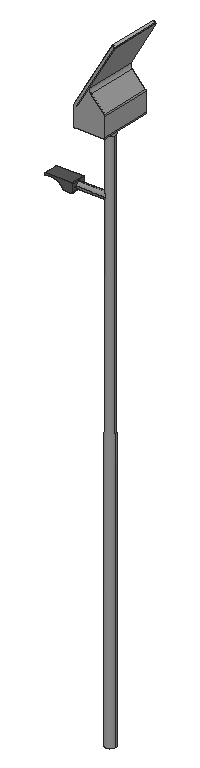
Revit family "Farola Solar Moon M negra", category Luminarias, Revit 2021
Family settings
  Cota de conector redondo = Diámetro de uso
  Tipo de pieza = Normal
  Se basa en plano de trabajo = No
  Siempre vertical = Sí
  Corte con vacíos al cargar = No
  Origen de luz = No
  Compartido = Sí
  Punto de cálculo de habitación = No
Parameters (values of type "Farola Olintu S pintura gris")
  URL producto = "https://ekiona.com/farolas-solares/serie-moon/"
  URL = "https://www.ekiona.com/"
  Teléfono de contacto = "(+34) 943 30 80 51"
  Keynote = ""
  Modelo = "Modelo Moon"
  Marcado CE = "SÍ"
  Garantía = "5 años"
  Gama de colores = "Blanco, Negro, Gris, Verde bosque, acero galvanizado"
  Gama de acabados = "Galvanizado, Fibra de vidrio, Aluminio"
  Fabricante = "Ekiona"
  Elevación por defecto = 2000 mm
  E-mail de contacto = "info@ekiona.com"
  Distancia inserto-columa = Altura columna planos - 136 mm  # 5864 mm
  Distancia brazo-final de columna = Altura columna planos - 700 mm  # 5300 mm
  Dirección = "Parque Tecnológico Miramón - Paseo Mikeletegi 56 - 20009 Donostia/San Sebastián"
  Descripción de la empresa = "Diseñamos, desarrollamos, fabricamos y comercializamos farolas solares que se adaptan a cualquier necesidad."
  Descripción = "Farola solar compacta y estética, la unión entre eficiencia y diseño"
  Clase eficiencia energética = "A++"
  Altura columna extremos = 6000 mm
  Altura columna planos = Altura columna extremos  # 6000 mm
Types (3, lengths in mm): name | URL producto | Modelo | Garantía | Gama de colores | Gama de acabados | Distancia inserto-columa | Distancia brazo-final de columna | Dirección | Descripción de la empresa | Descripción | Altura columna extremos | Altura columna planos
  (no name) | "https://ekiona.com/farolas-solares/serie-moon/" | "Modelo Moon" | "5 años" | "Blanco, Negro, Gris, Verde bosque, acero galvanizado" | "Galvanizado, Fibra de vidrio, Aluminio" | 5864 | 5300 | "Parque Tecnológico Miramón - Paseo Mikeletegi 56 - 20009 Donostia/San Sebastián" | "Diseñamos, desarrollamos, fabricamos y comercializamos farolas solares que se adaptan a cualquier necesidad." | "Farola solar compacta y estética, la unión entre eficiencia y diseño" | 6000 | 6000
  Farola Olintu S pintura blanca | "https://ekiona.com/farolas-solares/serie-olintu/" | "Modelo Olintu" | "2 años" | "" | "" | 3864 | 3300 | "" | "" | "Farola solar que combina diseño y eficencia" | 4000 | 4000
  Farola Olintu S pintura gris | "https://ekiona.com/farolas-solares/serie-moon/" | "Modelo Moon" | "5 años" | "Blanco, Negro, Gris, Verde bosque, acero galvanizado" | "Galvanizado, Fibra de vidrio, Aluminio" | 5864 | 5300 | "Parque Tecnológico Miramón - Paseo Mikeletegi 56 - 20009 Donostia/San Sebastián" | "Diseñamos, desarrollamos, fabricamos y comercializamos farolas solares que se adaptan a cualquier necesidad." | "Farola solar compacta y estética, la unión entre eficiencia y diseño" | 6000 | 6000
Reference planes
  plane 1 "Center (Front/Back)": y = 0
  plane 2: z = 0
  plane 3 "Center (Left/Right)": x = 0
  plane 4: z = 6000
  plane 5: z = 5300
Dimensions and locks
  "Altura columna planos": plane 2 to plane 4
  "Distancia brazo-final de columna": level to plane 5
  "Distancia inserto-columa": level to nested 3
  aligned and locked: level to plane 2
  aligned and locked: plane 5 to nested 2
Nested families
  nested 1: "Columna Moon M negra" at (5, 0, 0), Altura columna <- "Altura columna extremos", type "Columna 6m"
  nested 2: "Luminaria Moon M negra" at (5, 0, 5251.464), type "Luminaria 20W"
  nested 3: "Tolva Moon M negra" at (5, 340, 4524.796), type "Tolva Moon M negra"
Definition of nested family "Columna Moon M negra"
  Parameters (values of type "Columna 7m")
    Øsuperior columna = 88 mm
    Øinferior columna = 115 mm
    Material columna = none
    Default Elevation = 0 mm
    Altura columna [instance] = 7000 mm
  Types (2, lengths in mm): name | Altura columna
    Columna 6m | 6000
    Columna 7m | 7000
  Reference planes
    plane 1 "Center (Front/Back)": y = 0
    plane 2: z = 0
    plane 3 "Center (Left/Right)": x = 0
    plane 4: z = 7000
  Forms (mm)
    Blend 1, solid, material <- "Material columna"
      base sketch origin (0, 0, 0) x (1, 0, 0) y (0, 1, 0)
        loop
          circle (0.091, 0.421) r 57.5
      top sketch origin (0, 0, 0) x (1, 0, 0) y (0, 1, 0)
        loop
          circle (0.091, 0.421) r 44
      from 0 to 7000
  Dimensions and locks
    "Altura columna": plane 4 to level
    "Øinferior columna": diameter of Blend 1 sketch curve
    "Øsuperior columna": diameter of Blend 1 sketch curve
    aligned and locked: level to plane 2
    aligned and locked: plane 4 to Blend 1
  Automatic sketch dimensions
    plane 3 "Center (Left/Right)" to Blend 1 sketch curve = 0.091 mm  (x2)
    Blend 1 sketch curve to plane 1 "Center (Front/Back)" = 0.421 mm  (x2)
Definition of nested family "Luminaria Moon M negra"
  Parameters (values of type "Luminaria 50W")
    Tilt Angle = 70.00°
    built-in parameter 1010506 = 0.34907 (stored number, unit not read)
    built-in parameter 1010507 = 1.2217 (stored number, unit not read)
    Wattage = 50 W
    built-in parameter 1150107 = 3000 (stored number, unit not read)
    built-in parameter 1150110 = 1 (stored number, unit not read)
    built-in parameter 1150109 = 1 (stored number, unit not read)
    built-in parameter 1150112 = 1 (stored number, unit not read)
    built-in parameter 1150113 = 1 (stored number, unit not read)
    built-in parameter 1114218 = 1 (stored number, unit not read)
    built-in parameter 1150137 = (empty or 0)
    built-in parameter 1150132 = (empty or 0)
    Material luminaria = none
    Material brazo = none
    Material LED = none
    Light Source Symbol Length = 3048 mm
    built-in parameter 1150105 = 60769.7 (stored number, unit not read)
    built-in parameter 1150102 = (empty or 0)
    built-in parameter 1150106 = 607.7 (stored number, unit not read)
    Emit Shape Visible in Rendering = no
    Lumens = 8250 lm
    Color Filter = 16777215
    built-in parameter 1114217 = 0.7 (stored number, unit not read)
    built-in parameter 1150139 = (empty or 0)
    Default Elevation = 0 mm
    built-in parameter 1150104 = 15.329 (stored number, unit not read)
    Emit from Circle Diameter = 50 mm
    built-in parameter 1150115 = 1 (stored number, unit not read)
    built-in parameter 1150114 = 1 (stored number, unit not read)
    built-in parameter 1150138 = (empty or 0)
    built-in parameter 1150134 = (empty or 0)
    Dimming Lamp Color Temperature Shift = (empty or 0)
    built-in parameter 1150133 = 10 (stored number, unit not read)
  Types (4, lengths in mm): name | Wattage | built-in parameter 1150105 | built-in parameter 1150106 | Lumens
    Luminaria 30W | 30 W | 36461.8 (stored number, unit not read) | 364.62 (stored number, unit not read) | 4950 lm
    Luminaria 20W | 20 W | 24307.9 (stored number, unit not read) | 243.08 (stored number, unit not read) | 3300 lm
    Luminaria 40W | 40 W | 48615.8 (stored number, unit not read) | 486.16 (stored number, unit not read) | 6600 lm
    Luminaria 50W | 50 W | 60769.7 (stored number, unit not read) | 607.7 (stored number, unit not read) | 8250 lm
  Reference planes
    plane 1 "Center (Front/Back)": y = 0
    plane 2: z = 0
    plane 3 "Center (Left/Right)": x = 0
  Forms (mm)
    Revolve 1, solid, material <- "Material brazo"
      sketch origin (303.946, 1.989, 0) x (1, 0, 0) y (0, 1, 0)
        loop
          line (-668.06, 30) -> (-302.022, 30) -> (-302.022, 33.284) -> (-668.06, 33.284) -> (-668.06, 30)
        axis (-668.06, 0) -> (-302.022, 0)
      angle from 0 to 360
    Revolve 2, solid, material <- "Material LED"
      sketch origin (637.978, 0, -3.572) x (1, 0, 0) y (0, 0, 1)
        loop
          arc (-1192.369, 27.257) -> (-1185.047, 9.579) -> (-1167.369, 2.257) r 25
          line (-1167.369, 2.257) -> (-1167.369, 27.257) -> (-1192.369, 27.257)
        axis (-1167.369, 27.257) -> (-1167.369, 2.257)
      angle from 0 to 360
    Extrusion 3, solid, material <- "Material luminaria"
      sketch origin (188.457, 170, 0) x (1, 0, 0) y (0, 0, 1)
        loop
          arc (-530.557, 45) -> (-532.034, 47.059) -> (-534.093, 48.536) r 7.795
          line (-534.093, 48.536) -> (-819.093, 48.536)
          arc (-819.093, 48.536) -> (-830.585, 37.044) -> (-819.093, 25.552) r 11.492
          line (-819.093, 25.552) -> (-754.765, 25.552)
          arc (-754.765, 25.552) -> (-719.662, 20.455) -> (-685.221, 11.966) r 364.063
          arc (-685.221, 11.966) -> (-667.18, 1.896) -> (-655.103, -14.869) r 47.612
          arc (-655.103, -14.869) -> (-633.37, -40.263) -> (-603.441, -55.142) r 83.798
          arc (-603.441, -55.142) -> (-569.333, -56.37) -> (-535.764, -50.207) r 157.18
          arc (-535.764, -50.207) -> (-532.082, -48.682) -> (-530.557, -45) r 5.207
          line (-530.557, -45) -> (-530.557, 45)
      from 95.307 to 250
  Dimensions and locks
    aligned and locked: level to plane 2
Definition of nested family "Tolva Moon M negra"
  Parameters (values of type "Tolva Moon M negra")
    Model = "Tolva Olintu"
    Material inserto = none
    Material estructura base = none
    Manufacturer = "Ekiona"
    Default Elevation = 0 mm
    Ancho panel = 545 mm
  Reference planes
    plane 1 "Center (Front/Back)": y = 0
    plane 2: z = 0
    plane 3 "Center (Left/Right)": x = 0
    plane 4 "paralelo a vista izq": y = -337.5
    plane 5 "Plano 1": through (259.959, -25, 3493.187) normal (-0.5, 0, 0.866)
    plane 6: through (97.83, 0, 2130.088) normal (-0.866, 0, 0.5)
  Forms (mm)
    Revolve 1, solid, material <- "Material inserto"
      sketch origin (0, 0, -386.551) x (0, 1, 0) y (0, 0, 1)
        loop
          line (-287.5, 2035.827) -> (-287.5, 1725.755) -> (-284.5, 1725.755) -> (-284.5, 2035.827) -> (-287.5, 2035.827)
        axis (-337.5, 2035.827) -> (-337.5, 1725.755)
      angle from 0 to 360
    Extrusion 2, solid, not visible
      sketch origin (124.705, 0, 1465.982) x (1, 0, 0) y (0, 0, 1)
        loop
          line (25.298, 2103.034) -> (-292.965, 1551.785) -> (-241.004, 1521.785) -> (77.26, 2073.034) -> (25.298, 2103.034)
      from 70.047 to 615.047
    Extrusion 3, void, not visible
      sketch origin (-63.196, 0, 1140.322) x (1, 0, 0) y (0, 0, 1)
        loop
          line (224.128, 2422.685) -> (236.948, 2349.979) -> (276.798, 2419.002) -> (224.128, 2422.685)
      from 0 to 675
    Extrusion 4, void, not visible
      sketch origin (124.705, 0, 1465.982) x (1, 0, 0) y (0, 0, 1)
        loop
          line (-212.839, 1570.569) -> (-289.787, 1549.95) -> (-300.47, 1528.787) -> (-231.188, 1488.787) -> (-191.188, 1558.069) -> (-212.839, 1570.569)
      from 0 to 675
    Extrusion 5, solid, not visible
      sketch origin (-63.252, 0, 1140.601) x (1, 0, 0) y (0, 0, 1)
        loop
          line (212.635, 2427.51) -> (224.709, 2420.539) -> (237.206, 2349.669) -> (152.052, 2202.179) -> (153.752, 2201.197) -> (239.192, 2349.183) -> (226.372, 2421.888) -> (213.635, 2429.242) -> (212.635, 2427.51)
      from 70.047 to 615.047
    Extrusion 6, solid, not visible
      sketch origin (124.679, 0, 1466.114) x (1, 0, 0) y (0, 0, 1)
        loop
          line (-35.879, 1876.666) -> (-212.705, 1570.395) -> (-289.813, 1549.734) -> (-293.065, 1551.612) -> (-294.068, 1549.876) -> (-290.068, 1547.567) -> (-211.46, 1568.63) -> (-34.182, 1875.686) -> (-35.879, 1876.666)
      from 70.047 to 615.047
    Extrusion 7, solid, not visible
      sketch origin (124.769, 0, 1465.921) x (1, 0, 0) y (0, 0, 1)
        loop
          line (-292.965, 1551.785) -> (25.035, 2102.578) -> (-5.276, 2120.078) -> (-323.276, 1569.285) -> (-292.965, 1551.785)
      from 70.047 to 615.047
    Extrusion 8, void, not visible
      sketch origin (-1013.482, -34.1, 1392.821) x (0, 1, 0) y (0.5, 0, 0.866025)
        loop
          line (-463.861, 2321.81) -> (-416.148, 2321.81)
          arc (-416.148, 2321.81) -> (-419.48, 2339.286) -> (-430.409, 2353.323) r 37.954
          arc (-430.409, 2353.323) -> (-445.409, 2358.568) -> (-460.409, 2353.323) r 24.073
          arc (-460.409, 2353.323) -> (-471.433, 2339.075) -> (-474.645, 2321.349) r 37.954
          arc (-474.645, 2321.349) -> (-473.167, 2312.913) -> (-469.836, 2305.024) r 37.954
          arc (-469.836, 2305.024) -> (-441.562, 2289.96) -> (-416.017, 2309.293) r 29.744
          line (-416.017, 2309.293) -> (-423.962, 2312.74)
          arc (-423.962, 2312.74) -> (-442.617, 2300.75) -> (-461.255, 2312.766) r 20.484
          arc (-461.255, 2312.766) -> (-462.888, 2317.193) -> (-463.861, 2321.81) r 32.425
        loop
          line (-462.861, 2331.038) -> (-427.861, 2331.038)
          arc (-427.861, 2331.038) -> (-445.361, 2348.538) -> (-462.861, 2331.038) r 17.5
        loop
          line (-407.152, 2354.99) -> (-407.152, 2299.99)
          arc (-407.152, 2299.99) -> (-401.908, 2294.747) -> (-396.665, 2299.99) r 5.244
          line (-396.665, 2299.99) -> (-396.665, 2315.008) -> (-387.196, 2324.476) -> (-367.121, 2295.806)
          arc (-367.121, 2295.806) -> (-360.158, 2294.578) -> (-358.93, 2301.542) r 5
          line (-358.93, 2301.542) -> (-380.016, 2331.656) -> (-362.339, 2349.334)
          arc (-362.339, 2349.334) -> (-362.339, 2357.323) -> (-370.328, 2357.323) r 5.649
          line (-370.328, 2357.323) -> (-396.665, 2330.986) -> (-396.665, 2354.99)
          arc (-396.665, 2354.99) -> (-401.908, 2360.234) -> (-407.152, 2354.99) r 5.244
        loop
          line (-345.695, 2330.348) -> (-345.695, 2298.296)
          arc (-345.695, 2298.296) -> (-340.695, 2293.296) -> (-335.695, 2298.296) r 5
          line (-335.695, 2298.296) -> (-335.695, 2330.348)
          arc (-335.695, 2330.348) -> (-340.695, 2335.348) -> (-345.695, 2330.348) r 5
        loop
          arc (-313.958, 2351.943) -> (-322.635, 2348.932) -> (-329.497, 2355.038) r 9.076
          arc (-329.497, 2355.038) -> (-336.449, 2361.579) -> (-345.695, 2359.211) r 9.903
          arc (-345.695, 2359.211) -> (-348.682, 2355.086) -> (-349.922, 2350.147) r 13.45
          arc (-349.922, 2350.147) -> (-346.706, 2343.243) -> (-339.177, 2342.089) r 8.071
          arc (-339.177, 2342.089) -> (-335.695, 2342.685) -> (-332.214, 2342.089) r 10.463
          arc (-332.214, 2342.089) -> (-327.031, 2338.208) -> (-325.061, 2332.04) r 10.635
          arc (-325.061, 2332.04) -> (-262.525, 2310.202) -> (-313.958, 2351.943) r 33.621
        loop
          line (-250.357, 2353.481) -> (-250.357, 2298.481)
          arc (-250.357, 2298.481) -> (-243.625, 2291.749) -> (-236.893, 2298.481) r 6.732
          line (-236.893, 2298.481) -> (-236.893, 2343.466)
          arc (-236.893, 2343.466) -> (-229.971, 2349.019) -> (-221.459, 2351.529) r 22.933
          arc (-221.459, 2351.529) -> (-212.902, 2347.984) -> (-209.357, 2339.427) r 12.102
          line (-209.357, 2339.427) -> (-209.357, 2298.481)
          arc (-209.357, 2298.481) -> (-203.024, 2292.148) -> (-196.691, 2298.481) r 6.333
          line (-196.691, 2298.481) -> (-196.691, 2339.905)
          arc (-196.691, 2339.905) -> (-198.028, 2347.169) -> (-201.863, 2353.481) r 20.404
          arc (-201.863, 2353.481) -> (-219.569, 2360.932) -> (-237.793, 2354.854) r 27.258
          arc (-237.793, 2354.854) -> (-244.69, 2359.8) -> (-250.357, 2353.481) r 6.357
        loop
          arc (-184.719, 2344.597) -> (-181.441, 2338.502) -> (-174.681, 2339.98) r 5.745
          arc (-174.681, 2339.98) -> (-169.693, 2349.593) -> (-159.36, 2352.836) r 14.106
          arc (-159.36, 2352.836) -> (-151.076, 2350.212) -> (-144.661, 2344.349) r 20.193
          line (-144.661, 2344.349) -> (-144.661, 2338.186)
          arc (-144.661, 2338.186) -> (-158.183, 2333.475) -> (-172.248, 2330.794) r 97.575
          arc (-172.248, 2330.794) -> (-181.869, 2326.808) -> (-185.855, 2317.187) r 13.607
          arc (-185.855, 2317.187) -> (-186.09, 2312.502) -> (-186.044, 2307.811) r 78.299
          arc (-186.044, 2307.811) -> (-182.313, 2300.899) -> (-176.154, 2296.024) r 19.471
          arc (-176.154, 2296.024) -> (-166.154, 2293.649) -> (-156.154, 2296.024) r 22.235
          arc (-156.154, 2296.024) -> (-150.683, 2299.242) -> (-145.676, 2303.144) r 48.757
          line (-145.676, 2303.144) -> (-145.676, 2297.176)
          arc (-145.676, 2297.176) -> (-140.801, 2292.301) -> (-135.926, 2297.176) r 4.875
          line (-135.926, 2297.176) -> (-135.926, 2347.483)
          arc (-135.926, 2347.483) -> (-140.108, 2354.143) -> (-146.491, 2358.739) r 20.503
          arc (-146.491, 2358.739) -> (-158.534, 2361.376) -> (-170.577, 2358.739) r 28.822
          arc (-170.577, 2358.739) -> (-178.914, 2352.934) -> (-184.719, 2344.597) r 28.822
        loop
          arc (-144.661, 2330.676) -> (-156.177, 2325.488) -> (-168.693, 2323.785) r 44.019
          arc (-168.693, 2323.785) -> (-173.358, 2321.852) -> (-175.29, 2317.187) r 6.598
          arc (-175.29, 2317.187) -> (-175.527, 2313.145) -> (-175.29, 2309.103) r 34.669
          arc (-175.29, 2309.103) -> (-173.729, 2305.335) -> (-169.961, 2303.774) r 5.329
          arc (-169.961, 2303.774) -> (-163.465, 2302.436) -> (-156.969, 2303.774) r 16.436
          arc (-156.969, 2303.774) -> (-150.056, 2308.034) -> (-144.661, 2314.101) r 27.926
          line (-144.661, 2314.101) -> (-144.661, 2330.676)
      from -19.407 to 3
    Revolve 9, solid, not visible
      sketch origin (0, 0, 1241.412) x (0, 1, 0) y (0, 0, 1)
        loop
          line (-287.5, 2035.827) -> (-287.5, 1725.755) -> (-284.5, 1725.755) -> (-284.5, 2035.827) -> (-287.5, 2035.827)
        axis (-337.5, 2035.827) -> (-337.5, 1725.755)
      angle from 0 to 360
    Extrusion 10, solid, not visible
      sketch origin (128.943, 0, 6.927) x (1, 0, 0) y (0, 0, 1)
        loop
          line (25.298, 2103.034) -> (-292.965, 1551.785) -> (-241.004, 1521.785) -> (77.26, 2073.034) -> (25.298, 2103.034)
      from 70.047 to 615.047
    Extrusion 11, solid, not visible
      sketch origin (-59.014, 0, -318.454) x (1, 0, 0) y (0, 0, 1)
        loop
          line (212.635, 2427.51) -> (224.709, 2420.539) -> (237.206, 2349.669) -> (152.052, 2202.179) -> (153.752, 2201.197) -> (239.192, 2349.183) -> (226.372, 2421.888) -> (213.635, 2429.242) -> (212.635, 2427.51)
      from 70.047 to 615.047
    Extrusion 12, solid, not visible
      sketch origin (128.918, 0, 7.059) x (1, 0, 0) y (0, 0, 1)
        loop
          line (-35.879, 1876.666) -> (-212.705, 1570.395) -> (-289.813, 1549.734) -> (-293.065, 1551.612) -> (-294.068, 1549.876) -> (-290.068, 1547.567) -> (-211.46, 1568.63) -> (-34.182, 1875.686) -> (-35.879, 1876.666)
      from 70.047 to 615.047
    Revolve 13, solid, not visible
      sketch origin (0, 0, -217.643) x (0, 1, 0) y (0, 0, 1)
        loop
          line (-287.5, 2035.827) -> (-287.5, 1725.755) -> (-284.5, 1725.755) -> (-284.5, 2035.827) -> (-287.5, 2035.827)
        axis (-337.5, 2035.827) -> (-337.5, 1725.755)
      angle from 0 to 360
    Extrusion 14, solid
      sketch origin (106.298, 0, 251.777) x (1, 0, 0) y (0, 0, 1)
        loop
          line (160.132, 2120.334) -> (134.151, 2135.334) -> (-268.349, 1438.184) -> (-242.368, 1423.184) -> (160.132, 2120.334)
      from 72.309 to 613.86
    Extrusion 15, solid, material <- "Material estructura base"
      sketch origin (0, 0, 0) x (1, 0, 0) y (0, 0, 1)
        loop
          arc (147.315, 1456.297) -> (160.446, 1461.736) -> (165.885, 1474.867) r 18.569
          line (165.885, 1474.867) -> (165.885, 1674.867)
          arc (165.885, 1674.867) -> (163.765, 1685.3) -> (157.744, 1694.079) r 26.74
          line (157.744, 1694.079) -> (12.787, 1839.036)
          arc (12.787, 1839.036) -> (-0.782, 1863.06) -> (0, 1890.64) r 51.489
          line (0, 1890.64) -> (275.091, 2367.111) -> (244.78, 2384.611) -> (-167.647, 1670.268)
          arc (-167.647, 1670.268) -> (-169.408, 1662.657) -> (-170, 1654.867) r 51.572
          line (-170, 1654.867) -> (-170, 1477.511)
          arc (-170, 1477.511) -> (-163.787, 1462.511) -> (-148.787, 1456.297) r 21.213
          line (-148.787, 1456.297) -> (147.315, 1456.297)
      from 70.047 to 615.047
  Dimensions and locks
    Revolve 1 sketch curve to Revolve 1 sketch curve = 50 mm
    Revolve 1 sketch curve to Revolve 1 sketch curve = 53 mm
    Revolve 13 sketch curve to Revolve 13 sketch curve = 50 mm
    Revolve 13 sketch curve to Revolve 13 sketch curve = 53 mm
    Extrusion 15 to Extrusion 14 = 805 mm
    aligned and locked: level to plane 2
